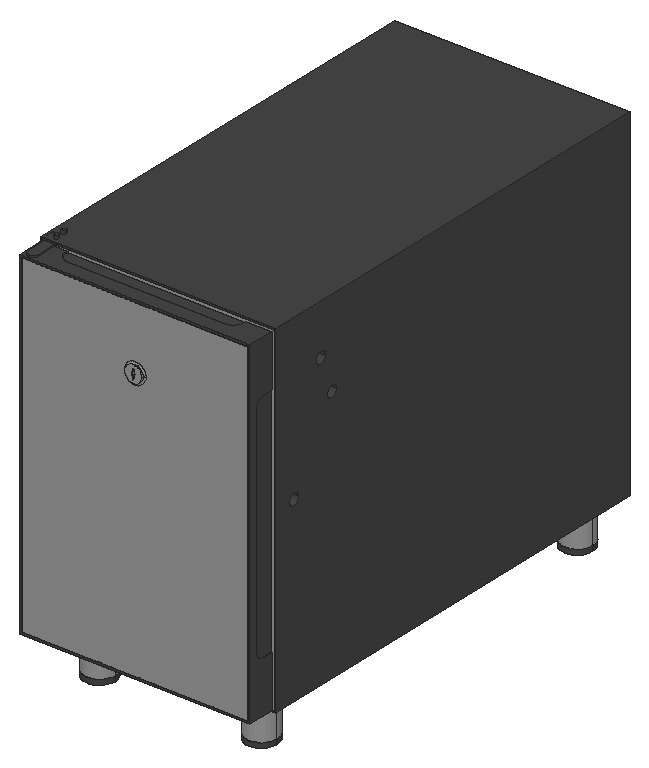
Revit family "Franke_Refrigeration_side_unit_KE200_EC-A600_MS_EC_FW(EU,CH,GB)", category Specialty Equipment, Revit 2015
Parameters (values of type "Refrigeration side unit KE200 EC-A600 MS EC FW(220-240V/EU,CH,GB)")
  Volts max. = 240 V
  URL = "https://www.franke.com/main/en/cs/products/product-search.html"
  Depth (mm) = 453 mm
  Temperature range = "+ 3°C to + 8°C"
  Volts min. = 220 V
  Max Overcurrent Protection = "10 A"
  Cycle Alternative = 60 Hz
  Cycle = 50 Hz
  Model = "410864 - Refrigeration side unit KE200 EC - A600 MS EC FW"
  Milk storage = "4 l"
  Watts = 82 W
  Cost = 0
  Height (mm) = 376 mm
  Manufacturer = "Franke"
  Energy loss acc. to DIN 18873 = "0.460 kWh/24 h - 230 V"
  Width (mm) = 225 mm
  Description = "Refrigeration side unit for storage of cooled milk"
  Assembly Code = "Refrigeration side unit"
  Keynote = "Refrigeration side unit"
  Weight = "13 kg"
  Number of Poles = 1
  Number of Protective Conductors = "1"
  Number of Nutral Conductors = "1"
Reference planes
  plane 1 "Mitte (Vorne/Hinten)": y = 0
  plane 2: z = 0
  plane 3 "Mitte (Links/Rechts)": x = 0
Forms (mm)
  Extrusion 1, solid, material "Franke Black"
    sketch origin (0, 0, 20) x (0, 1, 0) y (0, 0, 1)
      loop
        line (212.3, 356) -> (-212.3, 356) -> (-212.3, 26) -> (212.3, 26) -> (212.3, 356)
    from -112.5 to 112.5
  Extrusion 2, solid, material "Franke Chrome"
    sketch origin (0, 0, 20) x (1, 0, 0) y (0, 0, 1)
      loop
        circle (0, 290.954) r 8
      loop
        arc (1, 294.954) -> (0.707, 295.662) -> (0, 295.954) r 1
        arc (0, 295.954) -> (-0.707, 295.662) -> (-1, 294.954) r 1
        line (-1, 294.954) -> (-1, 292.687)
        arc (-1, 292.687) -> (-2, 290.954) -> (-1, 289.222) r 2
        line (-1, 289.222) -> (-1, 286.954)
        arc (-1, 286.954) -> (-0.707, 286.247) -> (0, 285.954) r 1
        arc (0, 285.954) -> (0.707, 286.247) -> (1, 286.954) r 1
        line (1, 286.954) -> (1, 289.222)
        arc (1, 289.222) -> (2, 290.954) -> (1, 292.687) r 2
        line (1, 292.687) -> (1, 294.954)
    from 240.3 to 242.3
  Blend 3, solid, material "Franke Chrome"
    base sketch origin (0, 0, 20) x (1, 0, 0) y (0, 0, 1)
      loop
        circle (0, 290.954) r 10
    top sketch origin (0, 0, 20) x (1, 0, 0) y (0, 0, 1)
      loop
        circle (0, 290.954) r 8
    from 240.3 to 241.3
  Extrusion 4, solid, material "Franke Black"
    sketch origin (0, 0, 20) x (1, 0, 0) y (0, 0, 1)
      loop
        line (-105.863, 349.363) -> (-105.863, 32.637) -> (105.863, 32.637) -> (105.863, 349.363) -> (-105.863, 349.363)
    from 212.3 to 214.3
  Revolve 5, solid, material "Franke Black"
    sketch origin (-77.5, 0, 39) x (0, 1, 0) y (0, 0, 1)
      loop
        line (212.3, 252) -> (225.9, 252) -> (225.9, 262.5)
        arc (225.9, 262.5) -> (225.314, 263.914) -> (223.9, 264.5) r 2
        line (223.9, 264.5) -> (212.3, 264.5) -> (212.3, 252)
      axis (225.9, 252) -> (212.3, 252)
    angle from 0 to 360
  Extrusion 6, void
    sketch origin (0, 0, 39) x (0, 1, 0) y (0, 0, 1)
      loop
        circle (-158.312, 288.596) r 6
      loop
        circle (-144.81, 253.988) r 6
      loop
        circle (-190.311, 180.988) r 6
    from 102.5 to 127.226
  Extrusion 7, void
    sketch origin (0, 0, 39) x (1, 0, 0) y (0, 0, 1)
      loop
        line (60.953, 48.985) -> (60.953, 22.709) -> (92.574, 22.709) -> (92.574, 48.985) -> (60.953, 48.985)
    from -221.866 to -202.3
  Extrusion 8, solid, material "Franke Black"
    sketch origin (0, 0, 20) x (1, 0, 0) y (0, 0, 1)
      loop
        line (-110.5, 354) -> (-110.5, 28) -> (110.5, 28) -> (110.5, 354) -> (-110.5, 354)
      loop
        line (108.5, 352) -> (-108.5, 352) -> (-108.5, 30) -> (108.5, 30) -> (108.5, 352)
    from 214.3 to 240.3
  Extrusion 9, solid, material "Franke Stainless Steel"
    sketch origin (0, 0, 20) x (1, 0, 0) y (0, 0, 1)
      loop
        line (-108.5, 352) -> (-108.5, 30) -> (108.5, 30) -> (108.5, 352) -> (-108.5, 352)
      loop
        circle (0, 290.954) r 10
    from 214.3 to 240.3
  Extrusion 10, void
    sketch origin (0, 0, 20) x (0, 1, 0) y (0, 0, 1)
      loop
        line (-212.3, 78) -> (-212.3, 304) -> (-223.8, 304)
        arc (-223.8, 304) -> (-230.871, 301.071) -> (-233.8, 294) r 10
        line (-233.8, 294) -> (-233.8, 88)
        arc (-233.8, 88) -> (-230.871, 80.929) -> (-223.8, 78) r 10
        line (-223.8, 78) -> (-212.3, 78)
    from 109.5 to 123.031
  Extrusion 11, void
    sketch origin (0, 0, 20) x (0, 1, 0) y (0, 0, -1)
      loop
        line (-212.3, -78) -> (-223.8, -78)
        arc (-223.8, -78) -> (-230.871, -80.929) -> (-233.8, -88) r 10
        line (-233.8, -88) -> (-233.8, -294)
        arc (-233.8, -294) -> (-230.871, -301.071) -> (-223.8, -304) r 10
        line (-223.8, -304) -> (-212.3, -304) -> (-212.3, -78)
    from 109.5 to 123.031
  Extrusion 12, void
    sketch origin (0, 0, 20) x (1, 0, 0) y (0, 1, 0)
      loop
        line (-85.5, -212.3) -> (-85.5, -217.3)
        arc (-85.5, -217.3) -> (-82.571, -224.371) -> (-75.5, -227.3) r 10
        line (-75.5, -227.3) -> (75.5, -227.3)
        arc (75.5, -227.3) -> (82.571, -224.371) -> (85.5, -217.3) r 10
        line (85.5, -217.3) -> (85.5, -212.3) -> (-85.5, -212.3)
    from 353 to 371.405
  Extrusion 13, void
    sketch origin (0, 0, -322.405) x (0, -1, 0) y (1, 0, 0)
      loop
        line (212.3, -85.5) -> (217.3, -85.5)
        arc (217.3, -85.5) -> (224.371, -82.571) -> (227.3, -75.5) r 10
        line (227.3, -75.5) -> (227.3, 75.5)
        arc (227.3, 75.5) -> (224.371, 82.571) -> (217.3, 85.5) r 10
        line (217.3, 85.5) -> (212.3, 85.5) -> (212.3, -85.5)
    from 353 to 371.405
  Extrusion 14, void
    sketch origin (0, 0, 20) x (1, 0, 0) y (0, 0, 1)
      loop
        line (111.5, 355) -> (-111.5, 355) -> (-111.5, 27) -> (111.5, 27) -> (111.5, 355)
    from 199.527 to 273.235
  Extrusion 15, solid, material "Franke Plastic white"
    sketch origin (0, 0, 20) x (1, 0, 0) y (0, 0, 1)
      loop
        line (-111.5, 355) -> (-111.5, 27) -> (111.5, 27) -> (111.5, 355) -> (-111.5, 355)
    from 199.527 to 212.3
  Extrusion 16, solid, material "Franke Black"
    sketch origin (0, 0, 20) x (1, 0, 0) y (0, 1, 0)
      loop
        arc (-108.5, -233.3) -> (-103.5, -238.3) -> (-98.5, -233.3) r 5
        line (-98.5, -233.3) -> (-98.5, -212.3) -> (-108.5, -212.3) -> (-108.5, -233.3)
    from 354 to 355
  Extrusion 17, solid, material "Franke Black"
    sketch origin (0, 0, 20) x (1, 0, 0) y (0, 1, 0)
      loop
        circle (-103.5, -205.3) r 2
      loop
        circle (-103.5, -196.3) r 2
    from 356 to 358.5
  Extrusion 18, solid, material "Franke Black"
    sketch origin (0, 0, -307) x (0, -1, 0) y (1, 0, 0)
      loop
        arc (233.3, -108.5) -> (238.3, -103.5) -> (233.3, -98.5) r 5
        line (233.3, -98.5) -> (212.3, -98.5) -> (212.3, -108.5) -> (233.3, -108.5)
    from 354 to 355
  Extrusion 19, solid, material "Franke Chrome"
    sketch origin (0, 0, 20) x (1, 0, 0) y (0, 1, 0)
      loop
        circle (0, 174.198) r 2.5
    from 20 to 26
  Extrusion 20, solid, material "Franke Chrome"
    sketch origin (0, 0, 20) x (1, 0, 0) y (0, 1, 0)
      loop
        circle (-77.5, 193.3) r 15
      loop
        circle (77.5, 193.3) r 15
      loop
        circle (-77.5, -185.7) r 15
      loop
        circle (77.5, -185.7) r 15
    from -15 to 26
  Extrusion 21, solid, material "Franke Black"
    sketch origin (0, 0, -15) x (1, 0, 0) y (0, 1, 0)
      loop
        circle (-77.5, 193.3) r 15
      loop
        circle (77.5, 193.3) r 15
      loop
        circle (-77.5, -185.7) r 15
      loop
        circle (77.5, -185.7) r 15
    from 15 to 20
Cuts and joins
  Extrusion 6, Extrusion 7, Extrusion 14 cuts Extrusion 1
  Extrusion 10, Extrusion 11, Extrusion 12, Extrusion 13 cuts Extrusion 8
Lines and regions (mm)
  model lines
    curve 1: line (77.5, 208.3, 20) -> (77.5, 178.3, 20)
    curve 2: line (92.5, 193.3, 20) -> (62.5, 193.3, 20)
    curve 3: line (92.5, 193.3, 20) -> (62.5, 193.3, 20)
    curve 4: line (77.5, 178.3, 20) -> (77.5, 208.3, 20)
Dimensions and locks
  aligned and locked: level to plane 2
Connectors
  electrical at (0, 174.198, 40), driven by "Volts min.", driven by "Number of Poles"
    settings: on Extrusion 19, index 2, voltage 220 V, apparent load 0 VA, apparent load phase1 0 VA, apparent load phase2 0 VA, apparent load phase3 0 VA, power factor 1, load classification "Strom", number of poles 1, system type 31, power factor state 1, is connector primary yes, connector utility no, sub classification motor no, connector description ""
